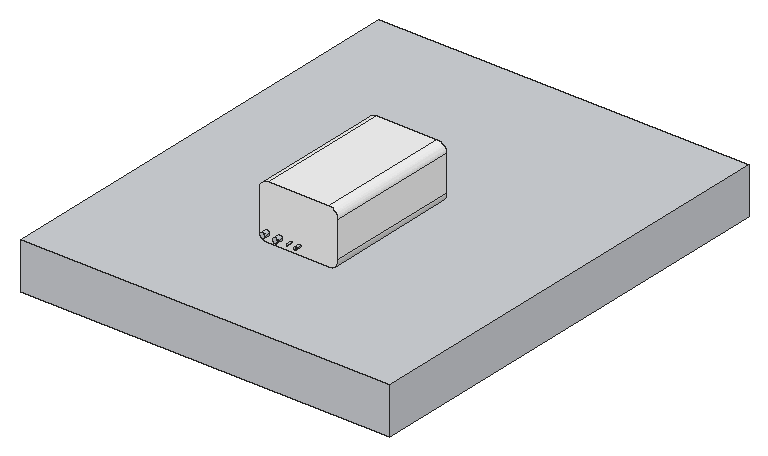
Revit family "RWLT-VNE_LOD_400", category Equipement de génie climatique, Revit 2016
Family settings
  Hôte = Face
  Type d'élément = Normal
  Cote de connecteur circulaire = Utiliser le diamètre
  Numéro OmniClass = 23.75.00.00
  Titre OmniClass = Climate Control (HVAC)
  Couper avec des vides une fois chargée = Non
  Partagée = Non
  Point de calcul de pièce = Non
Parameters (values of type "RWLT-5.0VNE")
  Usage Current = 0.3 A
  Unloaded Weight = 35.00 kg
  Sound power at rated load (dB(A)) = 39
  Running current with DHW tank = 13.4 A
  Refrigerant = "R410A"
  Product Code = ""
  Overall Width = 520.00 mm
  Overall Height = 890.00 mm
  Overall Depth = 360.00 mm
  Operation and service space b = 100.00 mm
  Operation and service space a = 150.00 mm
  Operation and service space = yes
  Number of Poles = "1"
  Nominal water flow (Water inlet 30°C Water outlet 35°C) = 2.41 m³/h
  Nominal Voltage = 230 V
  Model = "Hydro Free Low Temperature - RWLT"
  Minimum water flow rate (Heating) = 1.3 m³/h
  Minimum installationwater volume = 150.0 L
  Minimum allowable water pressure = 100000.0 Pa
  Minimum AC Voltage = 207 V
  Maximum water flow rate = 3.0 m³/h
  Minimum water flow rate (Cooling) = 1.5 m³/h
  Maximum allowable water pressure = 300000.0 Pa
  Maximum AC Voltage = 253 V
  Mass = 44.00 kg
  Liquid Diameter = 9.52 mm
  Inlet Water Diameter = 32.00 mm
  Height of pipes = 35.00 mm
  Heating Operation (Water Inlet 40° Water outlet 45°C) (OAT 7°C) = 15 kW
  Heating Operation (Water Inlet 30° Water outlet 35°C) (OAT 7°C) = 16 kW
  Gas Diameter = 15.88 mm
  Frequency = 50 Hz
  Distance liquide pipe = 211.00 mm
  Distance gas pipe = 265.00 mm
  Distance WOD = 134.00 mm
  Distance WID = 49.00 mm
  Diamètre Eau Sortie = 32.00 mm
  Description = "Hydro Free Low Temperature - RWLT"
  Cooling Operation (Water Inlet 23° Water outlet 18°) = 16 kW
  Cooling Operation (Water Inlet 12° Water outlet 7°) = 12.6 kW
  Fabricant = "HITACHI"
  Default Elevation = 1219.20 mm
  Commentaires du type = "RWLT-5.0VNE"
  Color = "Pure white (RAL 9010)"
Types (3, lengths in mm): name | Usage Current | Sound power at rated load (dB(A)) | Overall Width | Overall Height | Overall Depth | Nominal water flow (Water inlet 30°C Water outlet 35°C) | Minimum water flow rate (Heating) | Minimum installationwater volume | Maximum water flow rate | Minimum water flow rate (Cooling) | Inlet Water Diameter | Heating Operation (Water Inlet 40° Water outlet 45°C) (OAT 7°C) | Heating Operation (Water Inlet 30° Water outlet 35°C) (OAT 7°C) | Gas Diameter | Distance liquide pipe | Distance gas pipe | Distance WOD | Distance WID | Diamètre Eau Sortie | Cooling Operation (Water Inlet 23° Water outlet 18°) | Cooling Operation (Water Inlet 12° Water outlet 7°) | Commentaires du type
  RWLT-3.0VNE | 0.6 A | 37 | 450.00 | 712.00 | 275.00 | 4.13 m³/h | 2.3 m³/h | 180.0 L | 4.6 m³/h | 2.5 m³/h | 25.00 | 31 kW | 31 kW | 15.88 | 208.50 | 264.00 | 138.00 | 45.00 | 25.00 | 27 kW | 20.6 kW | "RWLT-3.0VNE"
  RWLT-5.0VNE | 0.3 A | 39 | 520.00 | 890.00 | 360.00 | 2.41 m³/h | 1.3 m³/h | 150.0 L | 3.0 m³/h | 1.5 m³/h | 32.00 | 15 kW | 16 kW | 15.88 | 211.00 | 265.00 | 134.00 | 49.00 | 32.00 | 16 kW | 12.6 kW | "RWLT-5.0VNE"
  RWLT-10.0VNE | 0.6 A | 47 | 670.00 | 890.00 | 360.00 | 4.13 m³/h | 2.3 m³/h | 180.0 L | 4.6 m³/h | 2.5 m³/h | 32.00 | 31 kW | 31 kW | 22.20 | 211.00 | 265.00 | 134.00 | 49.00 | 32.00 | 27 kW | 20.6 kW | "RWLT-10.0VNE"
Reference planes
  plane 1 "Centre (avant/arrière)": y = 0
  plane 2: z = 0
  plane 3 "Centre (gauche/droite)": x = 0
  plane 4 "AVANT": y = 445
  plane 5 "DROITE": x = 260
  plane 6 "GAUCHE": x = -260
  plane 7 "ARRIERE": y = -445
  plane 8: z = 360
Forms (mm)
  Extrusion 1, solid
    sketch origin (0, 0, 0) x (1, 0, 0) y (0, 1, 0)
      loop
        line (-1219.2, 1740) -> (-1219.2, -1219.2) -> (1219.2, -1219.2) -> (1219.2, 1740) -> (-1219.2, 1740)
    from 0 to -304.8
  Extrusion 2, solid, material "Color"
    sketch origin (0, 0, 0) x (1, 0, 0) y (0, 1, 0)
      loop
        line (-260, 445) -> (-260, -445) -> (260, -445) -> (260, 445) -> (-260, 445)
    from 0 to 360 <- "Overall Depth"
  Extrusion 3, solid
    sketch origin (0, -445, 0) x (1, 0, 0) y (0, 0, 1)
      loop
        circle (-211, 56) r 16
      loop
        circle (-126, 56) r 16
      loop
        circle (-49, 56) r 4.76
      loop
        circle (5, 56) r 7.94
    from 0 to 35 <- "Height of pipes"
  Extrusion 4, void
    sketch origin (0, 445, 0) x (-1, 0, 0) y (0, 0, 1)
      loop
        line (260, 300) -> (260, 360) -> (200, 360)
        arc (200, 360) -> (242.426, 342.426) -> (260, 300) r 60
      loop
        arc (-260, 300) -> (-242.426, 342.426) -> (-200, 360) r 60
        line (-200, 360) -> (-260, 360) -> (-260, 300)
      loop
        arc (260, 60) -> (242.426, 17.574) -> (200, 0) r 60
        line (200, 0) -> (260, 0) -> (260, 60)
      loop
        line (-260, 60) -> (-260, 0) -> (-200, 0)
        arc (-200, 0) -> (-242.426, 17.574) -> (-260, 60) r 60
    from -1050.928 to 250
Cuts and joins
  Extrusion 4 cuts Extrusion 2
Lines and regions (mm)
  model lines
    curve 1: line (-21.605, 51.94, 360) -> (-21.605, -70.282, 360)
    curve 2: line (-21.605, 51.94, 360) -> (3.196, -45.48, 360)
    curve 3: line (-21.605, -70.282, 360) -> (3.196, -45.48, 360)
    curve 4: line (10.855, 96.366, 360) -> (10.855, -25.856, 360)
    curve 5: line (10.855, 96.366, 360) -> (35.656, -1.055, 360)
    curve 6: line (10.855, -25.856, 360) -> (35.656, -1.055, 360)
  model lines, style "InvisibleLines"
    curve 7: line (0, 0, 360) -> (0, 35, 360)
    curve 8: line (0, 0, 360) -> (20, 0, 360)
  model lines, not visible
    curve 9: line (-21.605, 51.94, 360) -> (-21.605, -70.282, 360)
    curve 10: line (-21.605, 51.94, 360) -> (3.196, -45.48, 360)
    curve 11: line (-21.605, -70.282, 360) -> (3.196, -45.48, 360)
    curve 12: line (10.855, 96.366, 360) -> (10.855, -25.856, 360)
    curve 13: line (10.855, 96.366, 360) -> (35.656, -1.055, 360)
    curve 14: line (10.855, -25.856, 360) -> (35.656, -1.055, 360)
  model lines, style "InvisibleLines", not visible
    curve 15: line (0, 0, 360) -> (0, 35, 360)
    curve 16: line (0, 0, 360) -> (20, 0, 360)
Dimensions and locks
  equal spacing: plane 6 "GAUCHE", plane 3 "Centre (gauche/droite)", plane 5 "DROITE"
  equal spacing: plane 7 "ARRIERE", plane 1 "Centre (avant/arrière)", plane 4 "AVANT"
  "Overall Width": plane 6 "GAUCHE" to plane 5 "DROITE"
  "Overall Height": plane 4 "AVANT" to plane 7 "ARRIERE"
  "Overall Depth": plane 2 to plane 8
  "Distance WID": plane 6 "GAUCHE" to Extrusion 3 sketch curve
  "Distance liquide pipe": plane 6 "GAUCHE" to Extrusion 3 sketch curve
  "Distance gas pipe": plane 6 "GAUCHE" to Extrusion 3 sketch curve
  "Distance WOD": plane 6 "GAUCHE" to Extrusion 3 sketch curve
  "Liquid Diameter": diameter of Extrusion 3 sketch curve
  "Gas Diameter": diameter of Extrusion 3 sketch curve
  "Inlet Water Diameter": diameter of Extrusion 3 sketch curve
  "Diamètre Eau Sortie": diameter of Extrusion 3 sketch curve
  aligned and locked: plane 2 to Extrusion 1
  aligned and locked: level to Extrusion 1
  aligned and locked: Extrusion 2 sketch curve to plane 4 "AVANT"
  aligned and locked: Extrusion 2 sketch curve to plane 6 "GAUCHE"
  aligned and locked: Extrusion 2 sketch curve to plane 7 "ARRIERE"
  aligned and locked: Extrusion 2 sketch curve to plane 5 "DROITE"
  aligned and locked: plane 8 to Extrusion 4 sketch curve
  aligned and locked: plane 6 "GAUCHE" to Extrusion 4 sketch curve
  aligned and locked: Extrusion 4 sketch curve to plane 5 "DROITE"
  aligned and locked: Extrusion 4 sketch curve to plane 8
  aligned and locked: plane 5 "DROITE" to Extrusion 4 sketch curve
  aligned and locked: Extrusion 4 sketch curve to plane 2
  aligned and locked: plane 2 to Extrusion 4 sketch curve
  aligned and locked: Extrusion 4 sketch curve to plane 6 "GAUCHE"
  aligned and locked: plane 1 "Centre (avant/arrière)" to curve 8
  aligned and locked: plane 3 "Centre (gauche/droite)" to curve 7
Automatic sketch dimensions
  Extrusion 1 sketch curve to Extrusion 1 sketch curve = 2438.40 mm
  Extrusion 1 sketch curve to Extrusion 1 sketch curve = 2959.20 mm
  Extrusion 4 sketch curve to plane 5 "DROITE" = 60.00 mm  (x2)
  Extrusion 4 sketch curve to Extrusion 4 sketch curve = 60.00 mm
  Extrusion 4 sketch curve to plane 6 "GAUCHE" = 60.00 mm
  level to Extrusion 3 sketch curve = 56.00 mm  (x3)
  Extrusion 3 sketch curve to Extrusion 3 sketch curve = 0.00 mm
Connectors
  piping at (5, -480, 56), diameter 15.88, driven by "Gas Diameter"
    settings: on Extrusion 3, index 1, connector inside diameter 609.6 mm, connector length 0.00 mm, flow factor 0, pipe flow 0.0 m³/h, pressure drop 0.0 Pa, fitting loss kfactor 0, connector angle 0.00°, fixture units 0, engagement length 0.00 mm, angle of deflection 0.00°, flow configuration 0, flow direction 0, fitting loss method 0, system type 29, joint type 0, gender type 0, connector reference index -1, connector utility 0, adjustable connector no, is connector primary yes, connector description ""
  piping at (-49, -480, 56), diameter 9.52, driven by "Liquid Diameter"
    settings: on Extrusion 3, index 2, connector inside diameter 609.6 mm, connector length 0.00 mm, flow factor 0, pipe flow 0.0 m³/h, pressure drop 0.0 Pa, fitting loss kfactor 0, connector angle 0.00°, fixture units 0, engagement length 0.00 mm, angle of deflection 0.00°, flow configuration 0, flow direction 1, fitting loss method 0, system type 29, joint type 0, gender type 0, connector reference index -1, connector utility 0, adjustable connector no, is connector primary no, connector description ""
  piping at (-126, -480, 56), diameter 32, driven by "Diamètre Eau Sortie"
    settings: on Extrusion 3, index 3, connector inside diameter 609.6 mm, connector length 0.00 mm, flow factor 0, pipe flow 0.0 m³/h, pressure drop 0.0 Pa, fitting loss kfactor 0, connector angle 0.00°, fixture units 0, engagement length 0.00 mm, angle of deflection 0.00°, flow configuration 0, flow direction 2, fitting loss method 0, system type 8, joint type 0, gender type 0, connector reference index -1, connector utility 0, adjustable connector no, is connector primary no, connector description ""
  piping at (-211, -480, 56), diameter 32, driven by "Inlet Water Diameter"
    settings: on Extrusion 3, index 4, connector inside diameter 609.6 mm, connector length 0.00 mm, flow factor 0, pipe flow 0.0 m³/h, pressure drop 0.0 Pa, fitting loss kfactor 0, connector angle 0.00°, fixture units 0, engagement length 0.00 mm, angle of deflection 0.00°, flow configuration 0, flow direction 1, fitting loss method 0, system type 7, joint type 0, gender type 0, connector reference index -1, connector utility 0, adjustable connector no, is connector primary no, connector description ""
